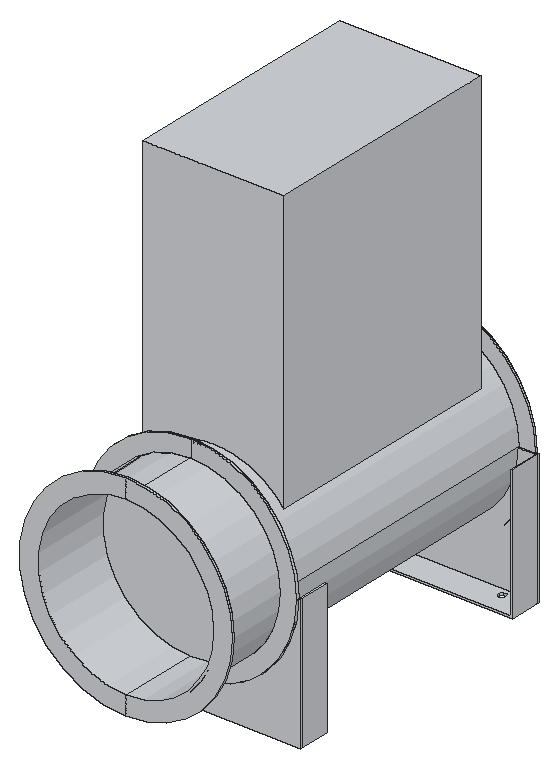
Revit family "AFBV-S_Horizontal_Floor_Mount", category Mechanical Equipment, Revit 2019
Family settings
  Round Connector Dimension = Use Radius
  Part Type = Normal
  Work Plane-Based = No
  Always vertical = Yes
  Cut with Voids When Loaded = No
  Shared = No
  Room Calculation Point = No
Parameters (values of type "12_AFBV-S_HOR_FLOOR")
  VANE = 0' - 6"
  Unit Weight [instance] = ""
  P/2 = P / 2  # 0' - 0 9/32"
  P = 0' - 0 9/16"  # constant formula
  N = 0' - 6"
  ModelID [instance] = ""
  M/2 = M / 2  # 0' - 8"
  M = 1' - 4"
  L = 0' - 0 15/16"
  K/2 = K / 2  # 0' - 10 1/16"
  K = 1' - 8 1/8"
  J-(C/2) = J - (C / 2)  # 0' - 2 7/16"
  J = 0' - 9 3/4"
  H-(A/2) = H - (A / 2)  # 1' - 6 3/16"
  H+J = H + J  # 2' - 10 3/8"
  H = 2' - 0 5/8"
  Sones [instance] = ""
  Motor RPM [instance] = ""
  Motor Enclosure [instance] = ""
  LwA [instance] = ""
  G = 6' - 0"
  Fan RPM [instance] = ""
  F/2 = F / 2  # 0' - 0 5/32"
  F = 0' - 0 5/16"
  E/2 = E / 2  # 0' - 11"
  E-2" = E - 0' 2"  # 1' - 8"
  E = 1' - 10"
  C/2+J = C / 2 + J  # 1' - 5 1/16"
  C/2 = C / 2  # 0' - 7 5/16"
  C = 1' - 2 5/8"
  B/2 = B / 2  # 0' - 7 13/16"
  B = 1' - 3 5/8"
  Accessories [instance] = ""
  A/3 = A / 2.5  # 0' - 5.15"
  A/2 = A / 2  # 0' - 6 7/16"
  A = 1' - 0 7/8"
  60 = 60.00°  # constant formula
  30 = 30.00°  # constant formula
  3" = 0' - 3"  # constant formula
  Brake Hp [instance] = ""
  4" = 0' - 4"  # constant formula
  2' = 2' - 0"
  2" = 0' - 2"  # constant formula
  1" = 0' - 1"  # constant formula
  0 = 0' - 0"  # constant formula
  Voltage [instance] = 0 V
  URL = "www.lorencook.com"
  Type Comments = "Tube Axial Fan Horizontal Floor Mount Stainless Steel Construction Belt Drive Arrangement 9"  # constant formula
  Static Pressure [instance] = 0.00 in-wg
  Power [instance] = Voltage * Motor FLA * sqrt(if(Phase = 3, 3, 1))  # 0 VA
  Phase [instance] = 0
  Number of Poles [instance] = 1
  Motor Hp [instance] = "0"
  Motor FLA [instance] = 0 A
  Model = "AFBV-S"  # constant formula
  Manufacturer = "Loren Cook Company"
  CFM [instance] = 0 CFM
  1.5 = 0' - 1 1/2"  # constant formula
  ONE EIGTH = 0' - 0 1/8"  # constant formula
  -E/2 = -E / 2  # -0' - 11"
  -(E-.25")/2 = -(E - 0' 0 1/4") / 2  # -0' - 10 7/8"
  (H-(A/2))/2 = (H - (A / 2)) / 2  # 0' - 9 3/32"
  (E-.25")/2 = (E - 0' 0 1/4") / 2  # 0' - 10 7/8"
  (A+.25")/2 = (A + 0' 0 1/4") / 2  # 0' - 6 9/16"
Types (10): name | VANE | N | M/2 | M | K/2 | K | J-(C/2) | J | H-(A/2) | H+J | H | F/2 | F | E/2 | E-2" | E | C/2+J | C/2 | C | B/2 | B | A/3 | A/2 | A | -E/2 | -(E-.25")/2 | (H-(A/2))/2 | (E-.25")/2 | (A+.25")/2
  (no name) | 0' - 6" | 0' - 6" | 0' - 8" | 1' - 4" | 0' - 10 1/16" | 1' - 8 1/8" | 0' - 2 7/16" | 0' - 9 3/4" | 1' - 6 3/16" | 2' - 10 3/8" | 2' - 0 5/8" | 0' - 0 5/32" | 0' - 0 5/16" | 0' - 11" | 1' - 8" | 1' - 10" | 1' - 5 1/16" | 0' - 7 5/16" | 1' - 2 5/8" | 0' - 7 13/16" | 1' - 3 5/8" | 0' - 5.15" | 0' - 6 7/16" | 1' - 0 7/8" | -0' - 11" | -0' - 10 7/8" | 0' - 9 3/32" | 0' - 10 7/8" | 0' - 6 9/16"
  12_AFBV-S_HOR_FLOOR | 0' - 6" | 0' - 6" | 0' - 8" | 1' - 4" | 0' - 10 1/16" | 1' - 8 1/8" | 0' - 2 7/16" | 0' - 9 3/4" | 1' - 6 3/16" | 2' - 10 3/8" | 2' - 0 5/8" | 0' - 0 5/32" | 0' - 0 5/16" | 0' - 11" | 1' - 8" | 1' - 10" | 1' - 5 1/16" | 0' - 7 5/16" | 1' - 2 5/8" | 0' - 7 13/16" | 1' - 3 5/8" | 0' - 5.15" | 0' - 6 7/16" | 1' - 0 7/8" | -0' - 11" | -0' - 10 7/8" | 0' - 9 3/32" | 0' - 10 7/8" | 0' - 6 9/16"
  16_AFBV-S_HOR_FLOOR | 0' - 10" | 0' - 8" | 0' - 10" | 1' - 8" | 0' - 11 9/16" | 1' - 11 1/8" | 0' - 2 7/16" | 0' - 11 3/4" | 1' - 9 11/16" | 3' - 5 7/8" | 2' - 6 1/8" | 0' - 0 5/32" | 0' - 0 5/16" | 1' - 0 1/2" | 1' - 11" | 2' - 1" | 1' - 9 1/16" | 0' - 9 5/16" | 1' - 6 5/8" | 0' - 9 13/16" | 1' - 7 5/8" | 0' - 6 3/4" | 0' - 8 7/16" | 1' - 4 7/8" | -1' - 0 1/2" | -1' - 0 3/8" | 0' - 10 27/32" | 1' - 0 3/8" | 0' - 8 9/16"
  18_AFBV-S_HOR_FLOOR | 0' - 11" | 0' - 9" | 0' - 11" | 1' - 10" | 0' - 11 9/16" | 1' - 11 1/8" | 0' - 2 7/16" | 1' - 0 3/4" | 1' - 9 11/16" | 3' - 7 7/8" | 2' - 7 1/8" | 0' - 0 5/32" | 0' - 0 5/16" | 1' - 0 1/2" | 1' - 11" | 2' - 1" | 1' - 11 1/16" | 0' - 10 5/16" | 1' - 8 5/8" | 0' - 10 13/16" | 1' - 9 5/8" | 0' - 7.55" | 0' - 9 7/16" | 1' - 6 7/8" | -1' - 0 1/2" | -1' - 0 3/8" | 0' - 10 27/32" | 1' - 0 3/8" | 0' - 9 9/16"
  24_AFBV-S_HOR_FLOOR | 1' - 1" | 1' - 0 1/4" | 1' - 2 1/4" | 2' - 4 1/2" | 1' - 2 9/16" | 2' - 5 1/8" | 0' - 2 9/16" | 1' - 4" | 2' - 3 7/16" | 4' - 7 7/8" | 3' - 3 7/8" | 0' - 0 7/32" | 0' - 0 7/16" | 1' - 3 1/2" | 2' - 5" | 2' - 7" | 2' - 5 7/16" | 1' - 1 7/16" | 2' - 2 7/8" | 1' - 2 9/16" | 2' - 5 1/8" | 0' - 9.95" | 1' - 0 7/16" | 2' - 0 7/8" | -1' - 3 1/2" | -1' - 3 3/8" | 1' - 1 23/32" | 1' - 3 3/8" | 1' - 0 9/16"
  28_AFBV-S_HOR_FLOOR | 1' - 1" | 1' - 2 1/4" | 1' - 4 1/4" | 2' - 8 1/2" | 1' - 2 9/16" | 2' - 5 1/8" | 0' - 2 9/16" | 1' - 6" | 2' - 3 7/16" | 4' - 11 7/8" | 3' - 5 7/8" | 0' - 0 7/32" | 0' - 0 7/16" | 1' - 3 1/2" | 2' - 5" | 2' - 7" | 2' - 9 7/16" | 1' - 3 7/16" | 2' - 6 7/8" | 1' - 4 9/16" | 2' - 9 1/8" | 0' - 11.55" | 1' - 2 7/16" | 2' - 4 7/8" | -1' - 3 1/2" | -1' - 3 3/8" | 1' - 1 23/32" | 1' - 3 3/8" | 1' - 2 9/16"
  32_AFBV-S_HOR_FLOOR | 1' - 3" | 1' - 4 5/16" | 1' - 6 5/16" | 3' - 0 5/8" | 1' - 4 1/16" | 2' - 8 1/8" | 0' - 2 5/8" | 1' - 8 1/8" | 2' - 4 3/4" | 5' - 5 3/8" | 3' - 9 1/4" | 0' - 0 7/32" | 0' - 0 7/16" | 1' - 5" | 2' - 8" | 2' - 10" | 3' - 1 5/8" | 1' - 5 1/2" | 2' - 11" | 1' - 6 5/8" | 3' - 1 1/4" | 1' - 1.2" | 1' - 4 1/2" | 2' - 9" | -1' - 5" | -1' - 4 7/8" | 1' - 2 3/8" | 1' - 4 7/8" | 1' - 4 5/8"
  36_AFBV-S_HOR_FLOOR | 1' - 4" | 1' - 6 5/16" | 1' - 8 5/16" | 3' - 4 5/8" | 1' - 4 1/16" | 2' - 8 1/8" | 0' - 2 5/8" | 1' - 10 1/8" | 2' - 4 3/4" | 5' - 9 3/8" | 3' - 11 1/4" | 0' - 0 7/32" | 0' - 0 7/16" | 1' - 5" | 2' - 8" | 2' - 10" | 3' - 5 5/8" | 1' - 7 1/2" | 3' - 3" | 1' - 8 11/16" | 3' - 5 3/8" | 1' - 2.8" | 1' - 6 1/2" | 3' - 1" | -1' - 5" | -1' - 4 7/8" | 1' - 2 3/8" | 1' - 4 7/8" | 1' - 6 5/8"
  14_AFBV-S_HOR_FLOOR | 0' - 8" | 0' - 6" | 0' - 9" | 1' - 6" | 0' - 10 1/16" | 1' - 8 1/8" | 0' - 2 7/16" | 0' - 10 3/4" | 1' - 6 3/16" | 3' - 0 3/8" | 2' - 1 5/8" | 0' - 0 5/32" | 0' - 0 5/16" | 0' - 11" | 1' - 8" | 1' - 10" | 1' - 7 1/16" | 0' - 8 5/16" | 1' - 4 5/8" | 0' - 8 13/16" | 1' - 5 5/8" | 0' - 5.95" | 0' - 7 7/16" | 1' - 2 7/8" | -0' - 11" | -0' - 10 7/8" | 0' - 9 3/32" | 0' - 10 7/8" | 0' - 7 9/16"
  20_AFBV-S_HOR_FLOOR | 1' - 0" | 0' - 10 1/4" | 1' - 0 1/4" | 2' - 0 1/2" | 1' - 2 9/16" | 2' - 5 1/8" | 0' - 4 13/16" | 1' - 4" | 2' - 5 7/16" | 4' - 7 7/8" | 3' - 3 7/8" | 0' - 0 5/32" | 0' - 0 5/16" | 1' - 3 1/2" | 2' - 5" | 2' - 7" | 2' - 3 3/16" | 0' - 11 3/16" | 1' - 10 3/8" | 0' - 11 13/16" | 1' - 11 5/8" | 0' - 8.35" | 0' - 10 7/16" | 1' - 8 7/8" | -1' - 3 1/2" | -1' - 3 3/8" | 1' - 2 23/32" | 1' - 3 3/8" | 0' - 10 9/16"
Reference planes (in)
  plane 1 "Center (Front/Back)": y = 0
  plane 2: z = 0
  plane 3 "Center (Left/Right)": x = 0.40541
Forms (in)
  Extrusion 1, solid
    sketch origin (0, 0, 0) x (1, 0, 0) y (0, 0, 1)
      loop
        circle (0.40541, 9.75) r 7.8125
    from 11 <- "E/2" to -11 <- "-E/2"
  Extrusion 2, void
    sketch origin (0, 0, 0) x (1, 0, 0) y (0, 0, 1)
      loop
        circle (0.40541, 9.75) r 7.8125
      loop
        circle (0.40541, 9.75) r 6.5625
    from 10.875 <- "(E-.25")/2" to -10.875 <- "-(E-.25")/2"
  Extrusion 3, solid
    sketch origin (0, -10.875, 0) x (-1, 0, 0) y (0, 0, 1)
      loop
        line (4.74459, 13.81742) -> (4.74459, 34.375) -> (-5.55541, 34.375) -> (-5.55541, 13.81742)
        arc (-5.55541, 13.81742) -> (-0.40541, 16.3125) -> (4.74459, 13.81742) r 6.5625
    from 2 to 20 <- "E-2""
  Extrusion 4, solid
    sketch origin (0, -11, 0) x (1, 0, 0) y (0, 0, 1)
      loop
        line (-6.15709, 9.75) -> (-7.59459, 9.75) -> (-7.59459, 0) -> (8.40541, 0) -> (8.40541, 9.75) -> (6.96791, 9.75)
        arc (6.96791, 9.75) -> (0.40541, 3.1875) -> (-6.15709, 9.75) r 6.5625
    from -0.25 to -0.125
  Extrusion 5, solid
    sketch origin (0, 10.875, 0) x (1, 0, 0) y (0, 0, 1)
      loop
        line (-6.15709, 9.75) -> (-7.59459, 9.75) -> (-7.59459, 0) -> (8.40541, 0) -> (8.40541, 9.75) -> (6.96791, 9.75)
        arc (6.96791, 9.75) -> (0.40541, 3.1875) -> (-6.15709, 9.75) r 6.5625
    from 0 to 0.125
  Extrusion 6, solid
    sketch origin (0, 10.875, 0) x (-1, 0, 0) y (0, 0, 1)
      loop
        line (-8.40541, 9.75) -> (-8.40541, 0) -> (7.59459, 0) -> (7.59459, 9.75) -> (7.46959, 9.75) -> (7.46959, 0.125) -> (-8.28041, 0.125) -> (-8.28041, 9.75) -> (-8.40541, 9.75)
    from -0.125 to -2.375
  Extrusion 7, solid
    sketch origin (0, -10.875, 0) x (1, 0, 0) y (0, 0, 1)
      loop
        line (-7.59459, 9.75) -> (-7.59459, 0) -> (8.40541, 0) -> (8.40541, 9.75) -> (8.28041, 9.75) -> (8.28041, 0.125) -> (-7.46959, 0.125) -> (-7.46959, 9.75) -> (-7.59459, 9.75)
    from -0.125 to -2.375
  Extrusion 8, void
    sketch origin (0, 0, 0) x (1, 0, 0) y (0, 1, 0)
      loop
        circle (-5.59459, 10.0625) r 0.28125
      loop
        circle (6.40541, 10.0625) r 0.28125
      loop
        circle (6.40541, -10.0625) r 0.28125
      loop
        circle (-5.59459, -10.0625) r 0.28125
    from 0 to 0.125
  Revolve 9, solid
    sketch origin (0.40541, 0, 0) x (0, 1, 0) y (0, 0, 1)
      loop
        line (-16.875, 17.5625) -> (-16.875, 16.1875) -> (-10.875, 16.1875) -> (-10.875, 17.5625) -> (-11, 17.5625) -> (-11, 16.3125) -> (-16.75, 16.3125) -> (-16.75, 17.5625) -> (-16.875, 17.5625)
      axis (-16.875, 9.75) -> (-10.875, 9.75)
    angle from 0 to 360
Cuts and joins
  Extrusion 2 cuts Extrusion 1
  Extrusion 8 cuts Extrusion 6
  Extrusion 8 cuts Extrusion 7
Dimensions and locks (in)
  "0": Extrusion 1 sketch curve to plane 3 "Center (Left/Right)"
  "J": Extrusion 1 sketch curve to level
  "0": Extrusion 2 sketch curve to plane 3 "Center (Left/Right)"  (x2)
  "J": Extrusion 2 sketch curve to level  (x2)
  "0": Extrusion 3 sketch curve to plane 3 "Center (Left/Right)"
  "J": Extrusion 3 sketch curve to level
  "H+J": Extrusion 3 sketch curve to level
  "A/3": plane 3 "Center (Left/Right)" to Extrusion 3 sketch curve  (x2)
  "J": Extrusion 4 sketch curve to level  (x4)
  "0": Extrusion 4 sketch curve to plane 3 "Center (Left/Right)"
  "M/2": Extrusion 4 sketch curve to plane 3 "Center (Left/Right)"  (x2)
  "J": level to Extrusion 5 sketch curve
  "0": Extrusion 5 sketch curve to plane 3 "Center (Left/Right)"
  "0": Extrusion 5 sketch curve to level
  "0": Extrusion 5 sketch curve to Extrusion 4  (x3)
  "0": level to Extrusion 6 sketch curve
  "ONE EIGTH": level to Extrusion 6 sketch curve
  "ONE EIGTH": Extrusion 6 sketch curve to Extrusion 6 sketch curve  (x2)
  "0": Extrusion 6 sketch curve to Extrusion 5
  "0": Extrusion 5 to Extrusion 6 sketch curve  (x2)
  "ONE EIGTH": Extrusion 7 sketch curve to Extrusion 7 sketch curve  (x2)
  "ONE EIGTH": Extrusion 7 sketch curve to level
  "0": Extrusion 7 sketch curve to level
  "0": Extrusion 7 sketch curve to Extrusion 4  (x2)
  "0": Extrusion 4 to Extrusion 7 sketch curve
  "M/2": Extrusion 6 sketch curve to plane 3 "Center (Left/Right)"
  "K/2": plane 1 "Center (Front/Back)" to Extrusion 8 sketch curve  (x4)
  "N": Extrusion 8 sketch curve to plane 3 "Center (Left/Right)"  (x4)
  "0": Extrusion 4 sketch curve to level
  "J": Extrusion 7 sketch curve to level
  "J": level to Revolve 9 sketch curve
  "(A+.25")/2": Revolve 9 sketch curve to Revolve 9 sketch curve
  "B/2": Revolve 9 sketch curve to Revolve 9 sketch curve  (x2)
  "ONE EIGTH": Revolve 9 sketch curve to Revolve 9 sketch curve  (x3)
  "VANE": Revolve 9 sketch curve to Revolve 9 sketch curve
  "0": Revolve 9 sketch curve to cut or joined group of Extrusion 1, Extrusion 2
  "B/2": radius of Extrusion 1 sketch curve
  "(A+.25")/2": radius of Extrusion 2 sketch curve
  "B/2": radius of Extrusion 2 sketch curve
  "(A+.25")/2": radius of Extrusion 3 sketch curve
  "(A+.25")/2": radius of Extrusion 4 sketch curve
  "(A+.25")/2": radius of Extrusion 5 sketch curve
  "P/2": radius of Extrusion 8 sketch curve  (x4)
Automatic sketch dimensions
  Extrusion 3 sketch curve to Extrusion 3 sketch curve = 0' - 0"
  Revolve 9 sketch curve to Revolve 9 sketch curve = 0' - 5.03349"
  Revolve 9 sketch curve to Revolve 9 sketch curve = 0' - 9.96651"
Connectors (in)
  electrical at (5.55541, 0.125, 24.09621)
    settings: on Extrusion 3, index 1, voltage 0 V, apparent load 0 VA, apparent load phase1 0 VA, apparent load phase2 0 VA, apparent load phase3 0 VA, power factor 1, load classification "Other", number of poles 1, system type 30, power factor state 1, is connector primary yes, connector utility no, sub classification motor no, connector description ""
  hvac at (0.40541, 11, 9.75), driven by "A/2"
    settings: on cut or joined group of Extrusion 1, Extrusion 2, index 3, duct flow 0 CFM, flow factor 0, pres drop 0.00 in-wg, loss coef 0, conn angle 0.00°, conn width 12", conn height 12", conn diameter 12 7/8", duct sys type 29, conn prof type 0, flow config 0, flow direction 1, loss method 0, conn ref index -1, conn util no, is conn primary yes, conn desc ""
  hvac at (0.40541, -16.875, 9.75), driven by "A/2"
    settings: on Revolve 9, index 4, duct flow 0 CFM, flow factor 0, pres drop 0.00 in-wg, loss coef 0, conn angle 0.00°, conn width 12", conn height 12", conn diameter 12 7/8", duct sys type 29, conn prof type 0, flow config 0, flow direction 2, loss method 0, conn ref index -1, conn util no, is conn primary no, conn desc ""
